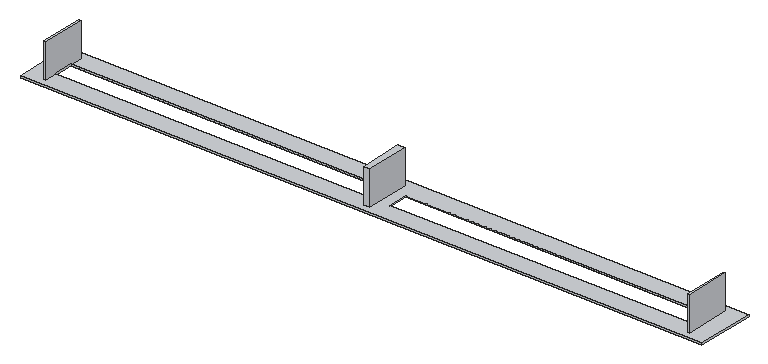
Revit family "DAC-V 1 ranura", category Air Terminals, Revit 2012
Parameters (values of type "DAC-01-B-XX")
  URL = "http://www.innes.com.mx"
  Separacion = 2"
  Placa frontal = Medida requerida + 2 7/8"  # 50 1/8"
  Mínima velocidad de cuello = 0 FPM
  Mínima presión total = 0.00 in-wg
  Máximo nivel de ruido (NC) = ""
  Máxima velocidad de cuello = 0 FPM
  Máxima presión total = 0.00 in-wg
  Medida requerida = 47 1/4"
  Material = ""
  Manufacturer = "INNES"
  Cuello = ""
  C = 3 3/16"
  B = 4 1/4"
  A = 1 1/2"
Types (6): name | C | B | A
  (no name) | 3 3/16" | 4 1/4" | 1 1/2"
  DAC-01-A-XX | 2 11/16" | 3 3/4" | 1"
  DAC-01-B-XX | 3 3/16" | 4 1/4" | 1 1/2"
  DAC-01-C-XX | 3 11/16" | 4 3/4" | 2"
  DAC-01-D-XX | 4 3/16" | 5 1/4" | 2 1/2"
  DAC-01-E-XX | 4 11/16" | 5 3/4" | 3"
Reference planes (in)
  plane 1 "Center (Front/Back)": y = 0
  plane 2: z = 0
  plane 3 "Center (Left/Right)": x = 0
  plane 4: x = 25.0625
  plane 5: x = -25.0625
  plane 6: x = -23.625
  plane 7: x = 23.625
  plane 8: x = -1
  plane 9: x = 1
  plane 10: y = 2.125
  plane 11: y = -2.125
  plane 12: y = 0.75
  plane 13: y = -0.75
  plane 14 "Altura placa": z = 0.125
  plane 15: x = -23.75
  plane 16: x = 23.75
  plane 17: y = 1.59375
  plane 18: y = -1.59375
  plane 19 "Altura": z = 2.625
Forms (in)
  Extrusion 1, solid
    sketch origin (0, 0, 0) x (1, 0, 0) y (0, 1, 0)
      loop
        line (-25.0625, 2.125) -> (-25.0625, -2.125) -> (25.0625, -2.125) -> (25.0625, 2.125) -> (-25.0625, 2.125)
      loop
        line (-23.625, 0.75) -> (-23.625, -0.75) -> (-1, -0.75) -> (-1, 0.75) -> (-23.625, 0.75)
      loop
        line (1, 0.75) -> (1, -0.75) -> (23.625, -0.75) -> (23.625, 0.75) -> (1, 0.75)
    from 0 to 0.125
  Extrusion 2, solid
    sketch origin (0, 0, 0.125) x (-1, 0, 0) y (0, -1, 0)
      loop
        line (23.75, -1.59375) -> (23.75, 1.59375) -> (23.625, 1.59375) -> (23.625, -1.59375) -> (23.75, -1.59375)
      loop
        line (-23.625, -1.59375) -> (-23.625, 1.59375) -> (-23.75, 1.59375) -> (-23.75, -1.59375) -> (-23.625, -1.59375)
    from 0 to 2.5
  Extrusion 3, solid
    sketch origin (0, 0, 0.125) x (-1, 0, 0) y (0, -1, 0)
      loop
        line (0.25, -1.59375) -> (0.25, 1.59375) -> (-0.21335, 1.59375) -> (-0.21335, -1.59375) -> (0.25, -1.59375)
    from 0 to 2.5
Dimensions and locks (in)
  equal spacing: plane 5, plane 3 "Center (Left/Right)", plane 4
  "Placa frontal": plane 5 to plane 4
  equal spacing: plane 6, plane 3 "Center (Left/Right)", plane 7
  "Medida requerida": plane 6 to plane 7
  equal spacing: plane 8, plane 3 "Center (Left/Right)", plane 9
  "Separacion": plane 8 to plane 9
  equal spacing: plane 10, plane 1 "Center (Front/Back)", plane 11
  "B": plane 10 to plane 11
  equal spacing: plane 12, plane 1 "Center (Front/Back)", plane 13
  "A": plane 12 to plane 13
  plane 14 "Altura placa" to level = 1/8"
  locked: plane 15 to plane 6 at 0.125
  locked: plane 7 to plane 16 at 0.125
  equal spacing: plane 17, plane 1 "Center (Front/Back)", plane 18
  "C": plane 17 to plane 18
  locked: plane 19 "Altura" to level at 2.625
  aligned and locked: plane 2 to level
  aligned and locked: Extrusion 1 sketch curve to plane 10
  aligned and locked: plane 5 to Extrusion 1 sketch curve
  aligned and locked: plane 11 to Extrusion 1 sketch curve
  aligned and locked: Extrusion 1 sketch curve to plane 4
  aligned and locked: Extrusion 1 sketch curve to plane 12  (x2)
  aligned and locked: plane 6 to Extrusion 1 sketch curve
  aligned and locked: plane 13 to Extrusion 1 sketch curve  (x2)
  aligned and locked: Extrusion 1 sketch curve to plane 8
  aligned and locked: plane 9 to Extrusion 1 sketch curve
  aligned and locked: Extrusion 1 sketch curve to plane 7
  aligned and locked: plane 14 "Altura placa" to Extrusion 1
  aligned and locked: Extrusion 2 sketch curve to plane 17
  aligned and locked: plane 15 to Extrusion 2 sketch curve
  aligned and locked: plane 18 to Extrusion 2 sketch curve
  aligned and locked: Extrusion 2 sketch curve to plane 6
  aligned and locked: plane 17 to Extrusion 2 sketch curve
  aligned and locked: plane 7 to Extrusion 2 sketch curve
  aligned and locked: Extrusion 2 sketch curve to plane 18
  aligned and locked: Extrusion 2 sketch curve to plane 16
  aligned and locked: Extrusion 2 to plane 19 "Altura"
  aligned and locked: Extrusion 3 sketch curve to plane 17
  aligned and locked: plane 18 to Extrusion 3 sketch curve
Automatic sketch dimensions
  Extrusion 3 sketch curve to plane 9 = 0.78665"
  plane 8 to Extrusion 3 sketch curve = 3/4"
Connectors (in)
  hvac at (-0.01832, 0, 2.625), driven by "C", driven by "Medida requerida"
    settings: on Extrusion 3, index 1, duct flow 0 CFM, flow factor 0, pres drop 0.00 in-wg, loss coef 0, conn angle 0.00°, conn width 47 1/4", conn height 3 3/16", conn radius 12", duct sys type 1, conn prof type 1, flow config 0, flow direction 0, loss method 0, conn ref index -1, conn util no, is conn primary yes, conn desc ""
